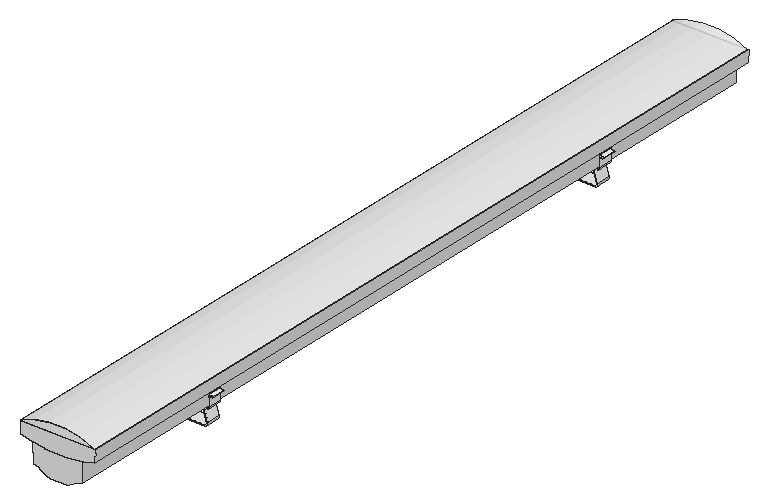
Revit family "Lighting-Industrial-GEWISS-SMART[3]PLUS-WATERTIGHT-LED-EMERGENCY_OPAL_1200mm", category Apparecchi per illuminazione, host Superficie, Revit 2019
Family settings
  Host = Superficie
  Quota connettore circolare = Usa diametro
  Tipo di parte = Normale
  Numero OmniClass = 23.80.70.11
  Titolo OmniClass = Luminaries for Internal Lighting
  Taglio con vuoti quando caricato = No
  Sorgente d'illuminazione = No
  Condiviso = No
  Punto di calcolo locali = No
Parameters (values of type "GWS3225AP957 - SMART3 PLUS 1200 EMERG DT1+DT6 HE OPAL 9 57")
  Working temperature = "ND"
  Weight (kg): = ""
  Warranty = "ND"
  Voltage = "220-240 V "
  Visibilita_etichetta [instance] = yes
  Version file RFA = "20.0"
  URL = "https://www.gewiss.com/ww/en"
  Typology = ""
  Type of light source = "LED - Not replaceable"
  Technical sheet = "https://www.gewiss.com/ww/en/search?q=GWS3225AP957"
  System power = "36 W"
  Struttura = GEWISS - SMART 3 - GRIGIO
  Stampa 1_200 = no
  Stampa 1_100 = not(Stampa 1_200)  # yes
  Spostamento_Y_etichetta [instance] = 0 mm
  Spostamento_Y_effettivo_etichetta [instance] = 1500 mm - Spostamento_Y_etichetta  # 1500 mm
  Spostamento_X_etichetta [instance] = 0 mm
  Spostamento_X_effettivo_etichetta [instance] = 1500 mm - Spostamento_X_etichetta  # 1500 mm
  Shock resistance = "IK08"
  Shield type = "Opal"
  Schermo. = Gewiss - Led Acceso
  SEO = "Ceiling"
  Realized by GEWISS S.p.A. = ""
  Default Elevation = 1219.2 mm
  Produttore = "GEWISS S.p.A."
  Operating temperature: = "ND"
  Nominal flux (lm) = ""
  No. LED (#) = ""
  Modello = "GWS3225AP957"
  Lunghezza Lampada = 1200 mm  # constant formula
  Lumen output (lm) = "3900"
  Length = "1200 mm"
  Lampada = "LED"
  Lamp = "LED"
  LED LifeTime (L80B20) = ""
  LED Life time (L80B50) = ""
  LED Life time (L70) = ""
  LED Life Time (L90B50) = ""
  Insulation class = "II"
  Immagine tipo = GWS3136P.jpg
  IP degree = "IP66/IP69"
  IFC.TypeObject = ""
  IFC.ExportType = ""
  IFC.ExportAs = ""
  IDT = "c24490b2-922b-4a62-9750-73ed8a6aae65"
  IDF = "fd25af52-2ba2-488d-94b5-5296e47166b2"
  Glow Wire Test = "850°C"
  Ganci = GEWISS  - ALLUMINIO
  Failure rate apparecchio (50.000h, Tq=25Â° C) = ""
  Failure rate apparecchio (35.000h, Tq=35Â° C) = ""
  Electrocod = "2434"
  Efficiency class of integrated LEDs = "A ÷ A++"
  EAN code = ""
  Driver type = ""
  Device with reduced surface temperature = ""
  Descrizione = "SMART3 PLUS 1200 EMERG DT1+DT6 HE OPAL 9 57"
  Commenti sul wattaggio = "45W"
  Colour temperature: = "5700 K (CRI > 90)"
  Colour temperature = "5700 K (CRI > 90)"
  Catalogue Range = "SMART[3] PLUS"
  Catalogue = "LIGHTING"
  Carico apparente = 45 VA
  COBie.Tagnumber = ""
  COBie.CreatedOn = ""
  COBie.CreatebBy = ""
  COBie.ComponentRegisterItemID = ""
  COBie.Component.TagNumber = ""
  COBie.Component.Space = ""
  COBie.Component.SerialNumber = ""
  COBie.Component.InstallationDate = ""
  COBie.Component.Description = ""
  COBie.Component.BarCode = ""
  Application = "Indoor"
Types (7, lengths in mm): name | Technical sheet | Modello | Lumen output (lm) | IDT | Descrizione | Commenti sul wattaggio | Colour temperature: | Colour temperature | Carico apparente
  (no name) | "https://www.gewiss.com/ww/en/search?q=GWS3225AP957" | "GWS3225AP957" | "3900" | "c24490b2-922b-4a62-9750-73ed8a6aae65" | "SMART3 PLUS 1200 EMERG DT1+DT6 HE OPAL 9 57" | "45W" | "5700 K (CRI > 90)" | "5700 K (CRI > 90)" | 45 VA
  GWS3225AP857 - SMART3 PLUS 1200 EMERG DT1+DT6 HE OPAL 8 57 | "https://www.gewiss.com/ww/en/search?q=GWS3225AP857" | "GWS3225AP857" | "5000" | "48da2503-fb6a-4847-91be-9a8075ec350e" | "SMART3 PLUS 1200 EMERG DT1+DT6 HE OPAL 8 57" | "43W" | "5700 K (CRI > 80)" | "5700 K (CRI > 80)" | 43 VA
  GWS3225AP830 - SMART3 PLUS 1200 EMERG DT1+DT6 HE OPAL 8 30 | "https://www.gewiss.com/ww/en/search?q=GWS3225AP830" | "GWS3225AP830" | "4700" | "199fe490-6cae-440a-97bb-ecfa527e1038" | "SMART3 PLUS 1200 EMERG DT1+DT6 HE OPAL 8 30" | "22W" | "3000 K (CRI > 80)" | "3000 K (CRI > 80)" | 22 VA
  GWS3225AP840 - SMART3 PLUS 1200 EMERG DT1+DT6 HE OPAL 8 40 | "https://www.gewiss.com/ww/en/search?q=GWS3225AP840" | "GWS3225AP840" | "5000" | "344aae81-8d98-4568-b8ff-268731c24878" | "SMART3 PLUS 1200 EMERG DT1+DT6 HE OPAL 8 40" | "22W" | "4000 K (CRI > 80)" | "4000 K (CRI > 80)" | 22 VA
  GWS3225AP930 - SMART3 PLUS 1200 EMERG DT1+DT6 HE OPAL 9 30 | "https://www.gewiss.com/ww/en/search?q=GWS3225AP930" | "GWS3225AP930" | "3700" | "808f3b5f-f9f2-4b8e-a362-db7736bcd6a7" | "SMART3 PLUS 1200 EMERG DT1+DT6 HE OPAL 9 30" | "45W" | "3000 K (CRI > 90)" | "3000 K (CRI > 90)" | 45 VA
  GWS3225AP940 - SMART3 PLUS 1200 EMERG DT1+DT6 HE OPAL 9 40 | "https://www.gewiss.com/ww/en/search?q=GWS3225AP940" | "GWS3225AP940" | "3900" | "5e348939-3342-461e-802b-034534a35295" | "SMART3 PLUS 1200 EMERG DT1+DT6 HE OPAL 9 40" | "45W" | "4000 K (CRI > 90)" | "4000 K (CRI > 90)" | 45 VA
  GWS3225AP957 - SMART3 PLUS 1200 EMERG DT1+DT6 HE OPAL 9 57 | "https://www.gewiss.com/ww/en/search?q=GWS3225AP957" | "GWS3225AP957" | "3900" | "c24490b2-922b-4a62-9750-73ed8a6aae65" | "SMART3 PLUS 1200 EMERG DT1+DT6 HE OPAL 9 57" | "45W" | "5700 K (CRI > 90)" | "5700 K (CRI > 90)" | 45 VA
Reference planes
  plane 1 "Centro (Fronte/Retro)": y = 0
  plane 2: z = 0
  plane 3 "Centro (Sinistra/Destra)": x = 0
  plane 4: x = -1500
  plane 5: y = -1500
  plane 6: x = 0
  plane 7: y = 0
Forms (mm)
  Extrusion 1, solid, material "GEWISS  - ALLUMINIO" <- "Ganci", detail levels medium+fine
    sketch origin (0, 0, 0) x (1, 0, 0) y (0, 0, 1)
      loop
        arc (31.431, -0.002) -> (34.576, 1.589) -> (35.156, 5.066) r 3.903
        line (35.156, 5.066) -> (29.612, 23.211)
        arc (29.612, 23.211) -> (29.883, 24.381) -> (31.032, 24.73) r 1.2
        line (31.032, 24.73) -> (34.307, 23.974)
        arc (34.307, 23.974) -> (36.765, 24.53) -> (37.859, 26.8) r 2.9
        line (37.859, 26.8) -> (37.859, 38.8)
        arc (37.859, 38.8) -> (37.648, 39.694) -> (37.059, 40.4) r 2
        line (37.059, 40.4) -> (37.059, 42.71) -> (42.861, 40.598) -> (43.203, 41.538) -> (37.53, 43.603)
        arc (37.53, 43.603) -> (37.019, 43.613) -> (36.605, 43.311) r 0.8
        line (36.605, 43.311) -> (36.306, 26.139)
        arc (36.306, 26.139) -> (35.6, 25.444) -> (34.616, 25.34) r 1.5
        line (34.616, 25.34) -> (31.344, 26.095)
        arc (31.344, 26.095) -> (28.858, 25.335) -> (28.273, 22.802) r 2.6
        line (28.273, 22.802) -> (33.827, 4.636)
        arc (33.827, 4.636) -> (33.449, 2.415) -> (31.438, 1.4) r 2.5
        line (31.438, 1.4) -> (-31.437, 1.4)
        arc (-31.437, 1.4) -> (-33.449, 2.415) -> (-33.827, 4.636) r 2.5
        line (-33.827, 4.636) -> (-28.273, 22.802)
        arc (-28.273, 22.802) -> (-28.858, 25.335) -> (-31.344, 26.095) r 2.6
        line (-31.344, 26.095) -> (-34.616, 25.34)
        arc (-34.616, 25.34) -> (-35.6, 25.444) -> (-36.306, 26.139) r 1.5
        line (-36.306, 26.139) -> (-36.605, 43.311)
        arc (-36.605, 43.311) -> (-37.019, 43.613) -> (-37.53, 43.603) r 0.8
        line (-37.53, 43.603) -> (-43.203, 41.538) -> (-42.861, 40.598) -> (-37.059, 42.71) -> (-37.059, 40.4)
        arc (-37.059, 40.4) -> (-37.648, 39.694) -> (-37.859, 38.8) r 2
        line (-37.859, 38.8) -> (-37.859, 26.8)
        arc (-37.859, 26.8) -> (-36.765, 24.53) -> (-34.307, 23.974) r 2.9
        line (-34.307, 23.974) -> (-31.032, 24.73)
        arc (-31.032, 24.73) -> (-29.883, 24.381) -> (-29.612, 23.211) r 1.2
        line (-29.612, 23.211) -> (-35.156, 5.066)
        arc (-35.156, 5.066) -> (-34.576, 1.589) -> (-31.431, -0.002) r 3.903
        line (-31.431, -0.002) -> (31.431, -0.002)
    from 348.766 to 368.766
  Extrusion 2, solid, material "GEWISS  - ALLUMINIO" <- "Ganci", detail levels medium+fine
    sketch origin (0, 0, 0) x (1, 0, 0) y (0, 0, -1)
      loop
        line (31.431, 0.002) -> (-31.431, 0.002)
        arc (-31.431, 0.002) -> (-34.576, -1.589) -> (-35.156, -5.066) r 3.903
        line (-35.156, -5.066) -> (-29.612, -23.211)
        arc (-29.612, -23.211) -> (-29.883, -24.381) -> (-31.032, -24.73) r 1.2
        line (-31.032, -24.73) -> (-34.307, -23.974)
        arc (-34.307, -23.974) -> (-36.765, -24.53) -> (-37.859, -26.8) r 2.9
        line (-37.859, -26.8) -> (-37.859, -38.8)
        arc (-37.859, -38.8) -> (-37.648, -39.694) -> (-37.059, -40.4) r 2
        line (-37.059, -40.4) -> (-37.059, -42.71) -> (-42.861, -40.598) -> (-43.203, -41.538) -> (-37.53, -43.603)
        arc (-37.53, -43.603) -> (-37.019, -43.613) -> (-36.605, -43.311) r 0.8
        line (-36.605, -43.311) -> (-36.306, -26.139)
        arc (-36.306, -26.139) -> (-35.6, -25.444) -> (-34.616, -25.34) r 1.5
        line (-34.616, -25.34) -> (-31.344, -26.095)
        arc (-31.344, -26.095) -> (-28.858, -25.335) -> (-28.273, -22.802) r 2.6
        line (-28.273, -22.802) -> (-33.827, -4.636)
        arc (-33.827, -4.636) -> (-33.449, -2.415) -> (-31.437, -1.4) r 2.5
        line (-31.437, -1.4) -> (31.438, -1.4)
        arc (31.438, -1.4) -> (33.449, -2.415) -> (33.827, -4.636) r 2.5
        line (33.827, -4.636) -> (28.273, -22.802)
        arc (28.273, -22.802) -> (28.858, -25.335) -> (31.344, -26.095) r 2.6
        line (31.344, -26.095) -> (34.616, -25.34)
        arc (34.616, -25.34) -> (35.6, -25.444) -> (36.306, -26.139) r 1.5
        line (36.306, -26.139) -> (36.605, -43.311)
        arc (36.605, -43.311) -> (37.019, -43.613) -> (37.53, -43.603) r 0.8
        line (37.53, -43.603) -> (43.203, -41.538) -> (42.861, -40.598) -> (37.059, -42.71) -> (37.059, -40.4)
        arc (37.059, -40.4) -> (37.648, -39.694) -> (37.859, -38.8) r 2
        line (37.859, -38.8) -> (37.859, -26.8)
        arc (37.859, -26.8) -> (36.765, -24.53) -> (34.307, -23.974) r 2.9
        line (34.307, -23.974) -> (31.032, -24.73)
        arc (31.032, -24.73) -> (29.883, -24.381) -> (29.612, -23.211) r 1.2
        line (29.612, -23.211) -> (35.156, -5.066)
        arc (35.156, -5.066) -> (34.576, -1.589) -> (31.431, 0.002) r 3.903
    from 348.766 to 368.766
  Extrusion 3, solid, material "GEWISS - SMART 3 - GRIGIO" <- "Struttura", detail levels medium+fine
    sketch origin (0, 0, 0) x (1, 0, 0) y (0, 0, 1)
      loop
        line (-36.331, 55.757) -> (-35.847, 28.018)
        arc (-35.847, 28.018) -> (-33.139, 27.27) -> (-30.416, 26.58) r 129.5
        arc (-30.416, 26.58) -> (-28.066, 25.76) -> (-25.915, 24.506) r 13
        arc (-25.915, 24.506) -> (-24.23, 23.324) -> (-22.521, 22.178) r 99.5
        arc (-22.521, 22.178) -> (-16.401, 19.063) -> (-9.748, 17.365) r 31.146
        line (-9.748, 17.365) -> (12.491, 17.365)
        arc (12.491, 17.365) -> (17.822, 19.098) -> (22.764, 21.745) r 31.646
        arc (22.764, 21.745) -> (24.509, 22.915) -> (26.228, 24.122) r 100
        arc (26.228, 24.122) -> (28.283, 25.313) -> (30.525, 26.095) r 12.5
        arc (30.525, 26.095) -> (33.437, 26.834) -> (36.332, 27.64) r 130
        line (36.332, 27.64) -> (36.824, 55.851)
        arc (36.824, 55.851) -> (24.914, 53.937) -> (12.909, 52.764) r 195.047
        line (12.909, 52.764) -> (-12.909, 52.764)
        arc (-12.909, 52.764) -> (-24.665, 53.905) -> (-36.331, 55.757) r 195.047
    from -600 to 600
  Extrusion 4, solid, material "GEWISS - SMART 3 - GRIGIO" <- "Struttura", detail levels medium+fine
    sketch origin (0, 0, 0) x (1, 0, 0) y (0, 0, 1)
      loop
        line (54.725, 60.184) -> (55.177, 77.445) -> (-55.177, 77.445) -> (-54.725, 60.184)
        arc (-54.725, 60.184) -> (-34.019, 55.332) -> (-12.909, 52.764) r 195.047
        line (-12.909, 52.764) -> (12.909, 52.764)
        arc (12.909, 52.764) -> (34.019, 55.332) -> (54.725, 60.184) r 195.047
    from -600 to 600
  Extrusion 5, solid, material "Gewiss - Led Acceso" <- "Schermo.", detail levels medium+fine
    sketch origin (0, 0, 0) x (1, 0, 0) y (0, 0, 1)
      loop
        arc (54.697, 78.441) -> (-0.014, 90.457) -> (-54.723, 78.429) r 130.5
        arc (-54.723, 78.429) -> (-54.988, 77.838) -> (-54.5, 77.445) r 0.5
        line (-54.5, 77.445) -> (54.479, 77.445)
        arc (54.479, 77.445) -> (54.988, 77.855) -> (54.697, 78.441) r 0.522
    from -600 to 600
  Extrusion 6, solid, material "GEWISS - SMART 3 - GRIGIO" <- "Struttura", detail levels coarse
    sketch origin (0, 0, 0) x (1, 0, 0) y (0, 0, 1)
      loop
        line (-54.5, 90.439) -> (-54.5, 0) -> (54.5, 0) -> (54.5, 90.439) -> (-54.5, 90.439)
    from -600 to 600
Lines and regions (mm)
  Masking region 1
    outline origin (0, 0, 0) x (1, 0, 0) y (0, 1, 0)
      loop
        line (-55.177, 600) -> (-55.177, -600) -> (55.177, -600) -> (55.177, 600) -> (-55.177, 600)
  symbolic lines, style "GEWISS - LIGHT 2D"
    curve 1: line (0, 488.766, 0) -> (0, -535.897, 0)
Dimensions and locks
  plane 4 to plane 3 "Centro (Sinistra/Destra)" = 1500 mm
  "Spostamento_X_effettivo_etichetta": plane 4 to plane 6
  plane 1 "Centro (Fronte/Retro)" to plane 5 = 1500 mm
  "Spostamento_Y_effettivo_etichetta": plane 7 to plane 5
  aligned and locked: plane 2 to host face
  aligned and locked: level to host face
  aligned and locked: Masking region 1 sketch curve to Extrusion 4  (x4)
  aligned and locked: nested 1 to plane 7
  aligned and locked: plane 6 to nested 1
  aligned and locked: curve 1 to plane 3 "Centro (Sinistra/Destra)"
Automatic sketch dimensions
  host sketch curve to host sketch curve = 2438.4 mm  (x2)
  Extrusion 1 sketch curve to Extrusion 1 sketch curve = 0 mm  (x28)
  Extrusion 1 sketch curve to plane 3 "Centro (Sinistra/Destra)" = 43.203 mm
  level to Extrusion 1 sketch curve = 40.598 mm
  Extrusion 1 sketch curve to Extrusion 1 sketch curve = 0.342 mm  (x2)
  Extrusion 1 sketch curve to Extrusion 1 sketch curve = 5.002 mm  (x2)
  Extrusion 1 sketch curve to Extrusion 1 sketch curve = 0.329 mm
  Extrusion 1 sketch curve to Extrusion 1 sketch curve = 0.271 mm  (x2)
  Extrusion 1 sketch curve to Extrusion 1 sketch curve = 0.8 mm  (x2)
  Extrusion 1 sketch curve to Extrusion 1 sketch curve = 0.454 mm  (x2)
  Extrusion 1 sketch curve to Extrusion 1 sketch curve = 1.554 mm
  Extrusion 1 sketch curve to Extrusion 1 sketch curve = 2 mm
  level to Extrusion 1 sketch curve = 5.066 mm  (x2)
  Extrusion 1 sketch curve to Extrusion 1 sketch curve = 1.15 mm
  Extrusion 1 sketch curve to Extrusion 1 sketch curve = 1.346 mm  (x2)
  Extrusion 1 sketch curve to Extrusion 1 sketch curve = 0.343 mm  (x2)
  level to Extrusion 1 sketch curve = 4.636 mm  (x2)
  Extrusion 1 sketch curve to Extrusion 1 sketch curve = 1.329 mm  (x2)
  level to Extrusion 1 sketch curve = 1.4 mm
  Extrusion 1 sketch curve to Extrusion 1 sketch curve = 2.389 mm  (x2)
  Extrusion 1 sketch curve to Extrusion 1 sketch curve = 0.007 mm  (x2)
  Extrusion 1 sketch curve to Extrusion 1 sketch curve = 3.584 mm  (x2)
  Extrusion 1 sketch curve to Extrusion 1 sketch curve = 0.273 mm  (x2)
  plane 3 "Centro (Sinistra/Destra)" to Extrusion 1 sketch curve = 30.759 mm
  Extrusion 1 sketch curve to level = 0.002 mm
  Extrusion 1 sketch curve to Extrusion 1 sketch curve = 0.672 mm
  Extrusion 1 sketch curve to Extrusion 1 sketch curve = 0.9 mm
  level to Extrusion 1 sketch curve = 26.139 mm
  Extrusion 1 sketch curve to Extrusion 1 sketch curve = 0.746 mm
  Extrusion 1 sketch curve to Extrusion 1 sketch curve = 0.2 mm
  Extrusion 1 sketch curve to Extrusion 1 sketch curve = 2.577 mm
  Extrusion 1 sketch curve to Extrusion 1 sketch curve = 18.496 mm
  Extrusion 1 sketch curve to Extrusion 1 sketch curve = 1.169 mm  (x2)
  Extrusion 1 sketch curve to Extrusion 1 sketch curve = 0.799 mm  (x2)
  Extrusion 1 sketch curve to Extrusion 1 sketch curve = 0.609 mm
  Extrusion 1 sketch curve to Extrusion 1 sketch curve = 1.798 mm  (x2)
  Extrusion 1 sketch curve to Extrusion 1 sketch curve = 12 mm
  Extrusion 1 sketch curve to Extrusion 1 sketch curve = 0.94 mm  (x2)
  Extrusion 1 sketch curve to Extrusion 1 sketch curve = 0.14 mm  (x2)
  Extrusion 1 sketch curve to Extrusion 1 sketch curve = 0.309 mm  (x2)
  Extrusion 1 sketch curve to Extrusion 1 sketch curve = 0.312 mm  (x2)
  Extrusion 1 sketch curve to Extrusion 1 sketch curve = 1.148 mm  (x2)
  Extrusion 1 sketch curve to Extrusion 1 sketch curve = 1.339 mm
  Extrusion 1 sketch curve to Extrusion 1 sketch curve = 2.486 mm
  Extrusion 1 sketch curve to Extrusion 1 sketch curve = 0.409 mm  (x2)
  Extrusion 2 sketch curve to Extrusion 2 sketch curve = 0 mm  (x28)
  Extrusion 2 sketch curve to plane 3 "Centro (Sinistra/Destra)" = 43.203 mm
  level to Extrusion 2 sketch curve = 40.598 mm
  Extrusion 2 sketch curve to Extrusion 2 sketch curve = 0.342 mm  (x2)
  Extrusion 2 sketch curve to Extrusion 2 sketch curve = 5.002 mm  (x2)
  Extrusion 2 sketch curve to Extrusion 2 sketch curve = 0.329 mm
  Extrusion 2 sketch curve to Extrusion 2 sketch curve = 0.271 mm  (x2)
  Extrusion 2 sketch curve to Extrusion 2 sketch curve = 0.8 mm  (x2)
  Extrusion 2 sketch curve to Extrusion 2 sketch curve = 0.454 mm  (x2)
  Extrusion 2 sketch curve to Extrusion 2 sketch curve = 1.554 mm
  Extrusion 2 sketch curve to Extrusion 2 sketch curve = 2 mm
  level to Extrusion 2 sketch curve = 5.066 mm  (x2)
  Extrusion 2 sketch curve to Extrusion 2 sketch curve = 1.15 mm
  Extrusion 2 sketch curve to Extrusion 2 sketch curve = 1.346 mm  (x2)
  Extrusion 2 sketch curve to Extrusion 2 sketch curve = 0.343 mm  (x2)
  level to Extrusion 2 sketch curve = 4.636 mm  (x2)
  Extrusion 2 sketch curve to Extrusion 2 sketch curve = 1.329 mm  (x2)
  level to Extrusion 2 sketch curve = 1.4 mm
  Extrusion 2 sketch curve to Extrusion 2 sketch curve = 2.389 mm  (x2)
  Extrusion 2 sketch curve to Extrusion 2 sketch curve = 0.007 mm  (x2)
  Extrusion 2 sketch curve to Extrusion 2 sketch curve = 3.584 mm  (x2)
  Extrusion 2 sketch curve to Extrusion 2 sketch curve = 0.273 mm  (x2)
  plane 3 "Centro (Sinistra/Destra)" to Extrusion 2 sketch curve = 30.759 mm
  Extrusion 2 sketch curve to level = 0.002 mm
  Extrusion 2 sketch curve to Extrusion 2 sketch curve = 0.672 mm
  Extrusion 2 sketch curve to Extrusion 2 sketch curve = 0.9 mm
  level to Extrusion 2 sketch curve = 26.139 mm
  Extrusion 2 sketch curve to Extrusion 2 sketch curve = 0.746 mm
  Extrusion 2 sketch curve to Extrusion 2 sketch curve = 0.2 mm
  Extrusion 2 sketch curve to Extrusion 2 sketch curve = 14.46 mm
  Extrusion 2 sketch curve to Extrusion 2 sketch curve = 0.94 mm  (x2)
  Extrusion 2 sketch curve to Extrusion 2 sketch curve = 0.14 mm  (x2)
  Extrusion 2 sketch curve to Extrusion 2 sketch curve = 2.31 mm  (x2)
  Extrusion 2 sketch curve to Extrusion 2 sketch curve = 12 mm
  Extrusion 2 sketch curve to Extrusion 2 sketch curve = 0.661 mm  (x2)
  Extrusion 2 sketch curve to Extrusion 2 sketch curve = 0.609 mm  (x2)
  Extrusion 2 sketch curve to Extrusion 2 sketch curve = 1.169 mm  (x2)
  Extrusion 2 sketch curve to Extrusion 2 sketch curve = 0.309 mm  (x2)
  Extrusion 2 sketch curve to Extrusion 2 sketch curve = 0.312 mm  (x2)
  Extrusion 2 sketch curve to Extrusion 2 sketch curve = 1.148 mm  (x2)
  Extrusion 2 sketch curve to Extrusion 2 sketch curve = 1.339 mm
  Extrusion 2 sketch curve to Extrusion 2 sketch curve = 2.486 mm
  Extrusion 2 sketch curve to Extrusion 2 sketch curve = 1.365 mm  (x2)
  Extrusion 3 sketch curve to plane 3 "Centro (Sinistra/Destra)" = 36.331 mm
  Extrusion 3 sketch curve to Extrusion 3 sketch curve = 0.484 mm
  Extrusion 3 sketch curve to Extrusion 3 sketch curve = 2.34 mm
  Extrusion 3 sketch curve to plane 3 "Centro (Sinistra/Destra)" = 32.068 mm
  Extrusion 3 sketch curve to plane 3 "Centro (Sinistra/Destra)" = 12.909 mm
  Extrusion 3 sketch curve to plane 3 "Centro (Sinistra/Destra)" = 9.748 mm
  Extrusion 3 sketch curve to plane 3 "Centro (Sinistra/Destra)" = 5.421 mm
  Extrusion 3 sketch curve to plane 3 "Centro (Sinistra/Destra)" = 0.057 mm
  Extrusion 3 sketch curve to plane 3 "Centro (Sinistra/Destra)" = 0.007 mm
  Extrusion 3 sketch curve to plane 3 "Centro (Sinistra/Destra)" = 0.001 mm
  plane 3 "Centro (Sinistra/Destra)" to Extrusion 3 sketch curve = 0.057 mm
  plane 3 "Centro (Sinistra/Destra)" to Extrusion 3 sketch curve = 5.412 mm
  plane 3 "Centro (Sinistra/Destra)" to Extrusion 3 sketch curve = 12.491 mm
  Extrusion 3 sketch curve to Extrusion 3 sketch curve = 7.496 mm
  plane 3 "Centro (Sinistra/Destra)" to Extrusion 3 sketch curve = 32.059 mm
  Extrusion 3 sketch curve to Extrusion 3 sketch curve = 21.008 mm
  Extrusion 3 sketch curve to Extrusion 3 sketch curve = 2.833 mm
  Extrusion 3 sketch curve to Extrusion 3 sketch curve = 23.916 mm
  level to Extrusion 3 sketch curve = 13.953 mm  (x2)
  level to Extrusion 3 sketch curve = 17.365 mm  (x2)
  Extrusion 3 sketch curve to Extrusion 3 sketch curve = 13.687 mm
  Extrusion 3 sketch curve to Extrusion 3 sketch curve = 14.064 mm
  Extrusion 3 sketch curve to Extrusion 3 sketch curve = 30.844 mm
  Extrusion 3 sketch curve to Extrusion 3 sketch curve = 0 mm  (x3)
  Extrusion 3 sketch curve to Extrusion 3 sketch curve = 4.555 mm
  Extrusion 3 sketch curve to Extrusion 3 sketch curve = 2.993 mm
  Extrusion 3 sketch curve to Extrusion 3 sketch curve = 3.087 mm
  Extrusion 3 sketch curve to Extrusion 3 sketch curve = 49.52 mm
  Extrusion 3 sketch curve to Extrusion 3 sketch curve = 49.615 mm
  Extrusion 3 sketch curve to Extrusion 3 sketch curve = 47.089 mm
  Extrusion 3 sketch curve to Extrusion 3 sketch curve = 5.431 mm
  Extrusion 3 sketch curve to Extrusion 3 sketch curve = 4.5 mm
  Extrusion 3 sketch curve to Extrusion 3 sketch curve = 10.273 mm
  Extrusion 3 sketch curve to Extrusion 3 sketch curve = 3.465 mm
  Extrusion 3 sketch curve to Extrusion 3 sketch curve = 4.297 mm
  Extrusion 4 sketch curve to plane 3 "Centro (Sinistra/Destra)" = 55.177 mm
  Extrusion 4 sketch curve to Extrusion 4 sketch curve = 0.452 mm  (x2)
  Extrusion 4 sketch curve to plane 3 "Centro (Sinistra/Destra)" = 12.909 mm
  Extrusion 4 sketch curve to plane 3 "Centro (Sinistra/Destra)" = 0.057 mm
  plane 3 "Centro (Sinistra/Destra)" to Extrusion 4 sketch curve = 0.057 mm
  plane 3 "Centro (Sinistra/Destra)" to Extrusion 4 sketch curve = 12.909 mm
  Extrusion 4 sketch curve to Extrusion 4 sketch curve = 41.816 mm
  level to Extrusion 4 sketch curve = 52.764 mm
  Extrusion 4 sketch curve to Extrusion 4 sketch curve = 7.42 mm  (x2)
  Extrusion 4 sketch curve to Extrusion 4 sketch curve = 17.262 mm
  Extrusion 5 sketch curve to plane 3 "Centro (Sinistra/Destra)" = 0 mm
  Extrusion 5 sketch curve to plane 3 "Centro (Sinistra/Destra)" = 54.5 mm
  plane 3 "Centro (Sinistra/Destra)" to Extrusion 5 sketch curve = 54.479 mm
  Extrusion 5 sketch curve to level = 40.043 mm
  level to Extrusion 5 sketch curve = 77.445 mm
  Extrusion 5 sketch curve to Extrusion 5 sketch curve = 0.5 mm
  Extrusion 5 sketch curve to Extrusion 5 sketch curve = 0.522 mm
  Extrusion 5 sketch curve to Extrusion 5 sketch curve = 0.21 mm
  Extrusion 5 sketch curve to Extrusion 5 sketch curve = 0.014 mm
  Extrusion 5 sketch curve to Extrusion 5 sketch curve = 0 mm
  Extrusion 6 sketch curve to level = 0 mm
  Extrusion 6 sketch curve to plane 3 "Centro (Sinistra/Destra)" = 54.5 mm
  plane 3 "Centro (Sinistra/Destra)" to Extrusion 6 sketch curve = 54.5 mm
  Extrusion 6 sketch curve to Extrusion 6 sketch curve = 90.439 mm
  plane 1 "Centro (Fronte/Retro)" to curve 1 = 535.897 mm
  curve 1 to plane 1 "Centro (Fronte/Retro)" = 488.766 mm
Nested families
  nested 1: "ETICHETTA WATTAGGIO" at (0, 0, 0), visible <- "Visibilita_etichetta", type "ETICHETTA WATTAGGIO"
Connectors
  electrical at (0, 0, 0), driven by "Carico apparente"
    settings: on Masking region 1, index 1, voltage 230 V, apparent load 0 VA, apparent load phase1 45 VA, apparent load phase2 0 VA, apparent load phase3 0 VA, power factor 1, load classification "Illuminazione", number of poles 2, system type 31, power factor state 1, is connector primary yes, connector utility no, sub classification motor no, connector description ""
Definition of nested family "ETICHETTA WATTAGGIO"
  Parameters (values of type "ETICHETTA WATTAGGIO")
    GW - Potenza di sistema = ""
    GW - Numero LED = ""
    COMMENTI = "13W"
    1_200 = no
    1_100 = yes
  Reference planes
    plane 1: y = 0
    plane 2: x = 0
  Text (mm)
    label "GW - Potenza di sistema\nGW - Numero LED LED" at (-0.057, -0.214, 0), shows "GW - Potenza di sistema", "GW - Numero LED", visible <- "1_100"
    label "GW - Potenza di sistema\nGW - Numero LED LED " at (-0.057, -0.214, 0), shows "GW - Potenza di sistema", "GW - Numero LED", visible <- "1_200"
